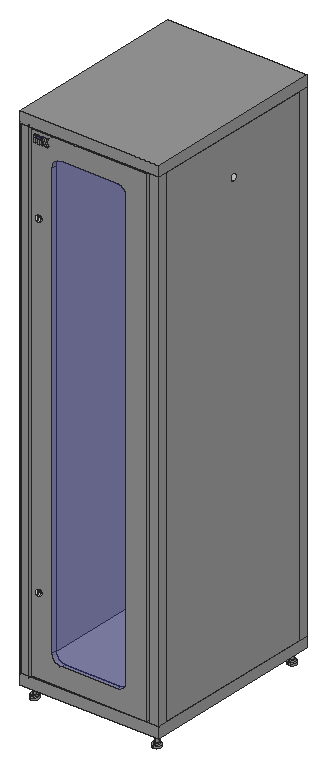
Revit family "ITK_Шкаф сетевой LINEA E_Напольный_18U-47U_IP20", category Электрооборудование, Revit 2019 (continued)
Types (20, lengths in mm): name | Материал | Глубина | Высота общая | Высота | IEK_Цена за единицу | IEK_URL | ADSK_Наименование | ADSK_Масса | ADSK_Код изделия | ADSK_URL страницы изделия
  В1600хШ600хГ600_Серый_2GM | Окраска - RAL 7035 | 600 | 1656 | 1600 | 27670.66 | "https://www.itk-group.ru/produktsiya/catalog/oborudovanie_telekommunikatsionnoe/shkafy_telekommunikatsionnye/shkafy_setevye_napolnye/shkafy_serii_linea_e/600x600mm/itk_shkaf_setevoy_napolnyy_linea_e_33u_600kh600mm_steklyannaya_perednyaya_dver_zadnyaya_metallicheskaya_seryy" | "ITK Шкаф сетевой 19\" LINEA E 33U В1600хШ600хГ600 мм, стеклянная передняя дверь, задняя металлическая, серый" | 93.59 | "LE35-33U66-GM" | "https://www.itk-group.ru/produktsiya/catalog/oborudovanie_telekommunikatsionnoe/shkafy_telekommunikatsionnye/shkafy_setevye_napolnye/shkafy_serii_linea_e/"
  В1600хШ600хГ600_Черный_2GM | Окраска - RAL 9005 | 600 | 1656 | 1600 | 27670.66 | "https://www.itk-group.ru/produktsiya/catalog/oborudovanie_telekommunikatsionnoe/shkafy_telekommunikatsionnye/shkafy_setevye_napolnye/shkafy_serii_linea_e/600x600mm/itk_shkaf_setevoy_napolnyy_linea_e_33u_600kh600mm_steklyannaya_perednyaya_dver_zadnyaya_metallicheskaya_chernyy" | "ITK Шкаф сетевой 19\" LINEA E 33U В1600хШ600хГ600 мм, стеклянная передняя дверь, задняя металлическая, черный" | 93.59 | "LE05-33U66-GM" | "https://www.itk-group.ru/produktsiya/catalog/oborudovanie_telekommunikatsionnoe/shkafy_telekommunikatsionnye/shkafy_setevye_napolnye/shkafy_serii_linea_e/"
  В2000хШ600хГ600_Серый_2GM | Окраска - RAL 7035 | 600 | 2056 | 2000 | 29122.82 | "https://www.itk-group.ru/produktsiya/catalog/oborudovanie_telekommunikatsionnoe/shkafy_telekommunikatsionnye/shkafy_setevye_napolnye/shkafy_serii_linea_e/600x600mm/itk_shkaf_setevoy_napolnyy_linea_e_42u_600kh600mm_steklyannaya_perednyaya_dver_zadnyaya_metallicheskaya_seryy" | "ITK Шкаф сетевой 19\" LINEA E 42U В2000хШ600хГ600 мм, стеклянная передняя дверь, задняя металлическая, серый" | 108.7 | "LE35-42U66-GM" | "https://www.itk-group.ru/produktsiya/catalog/oborudovanie_telekommunikatsionnoe/shkafy_telekommunikatsionnye/shkafy_setevye_napolnye/shkafy_serii_linea_e/"
  В2000хШ600хГ600_Черный_2GM | Окраска - RAL 9005 | 600 | 2056 | 2000 | 29122.82 | "https://www.itk-group.ru/produktsiya/catalog/oborudovanie_telekommunikatsionnoe/shkafy_telekommunikatsionnye/shkafy_setevye_napolnye/shkafy_serii_linea_e/600x600mm/itk_shkaf_setevoy_napolnyy_linea_e_42u_600kh600mm_steklyannaya_perednyaya_dver_zadnyaya_metallicheskaya_chernyy" | "ITK Шкаф сетевой 19\" LINEA E 42U В2000хШ600хГ600 мм, стеклянная передняя дверь, задняя металлическая, черный" | 108.7 | "LE05-42U66-GM" | "https://www.itk-group.ru/produktsiya/catalog/oborudovanie_telekommunikatsionnoe/shkafy_telekommunikatsionnye/shkafy_setevye_napolnye/shkafy_serii_linea_e/"
  В2220хШ600хГ600_Серый_2GM | Окраска - RAL 7035 | 600 | 2276 | 2220 | 31558.8 | "https://www.itk-group.ru/produktsiya/catalog/oborudovanie_telekommunikatsionnoe/shkafy_telekommunikatsionnye/shkafy_setevye_napolnye/shkafy_serii_linea_e/600x600mm/itk_shkaf_setevoy_napolnyy_linea_e_47u_600kh600mm_steklyannaya_perednyaya_dver_zadnyaya_metallicheskaya_seryy" | "ITK Шкаф сетевой 19\" LINEA E 47U В2220хШ600хГ600 мм, стеклянная передняя дверь, задняя металлическая, серый" | 121.13 | "LE35-47U66-GM" | "https://www.itk-group.ru/produktsiya/catalog/oborudovanie_telekommunikatsionnoe/shkafy_telekommunikatsionnye/shkafy_setevye_napolnye/shkafy_serii_linea_e/"
  В2220хШ600хГ600_Черный_2GM | Окраска - RAL 9005 | 600 | 2276 | 2220 | 31558.8 | "https://www.itk-group.ru/produktsiya/catalog/oborudovanie_telekommunikatsionnoe/shkafy_telekommunikatsionnye/shkafy_setevye_napolnye/shkafy_serii_linea_e/600x600mm/itk_shkaf_setevoy_napolnyy_linea_e_47u_600kh600mm_steklyannaya_perednyaya_dver_zadnyaya_metallicheskaya_chernyy" | "ITK Шкаф сетевой 19\" LINEA E 47U В2220хШ600хГ600 мм, стеклянная передняя дверь, задняя металлическая, черный" | 121.13 | "LE05-47U66-GM" | "https://www.itk-group.ru/produktsiya/catalog/oborudovanie_telekommunikatsionnoe/shkafy_telekommunikatsionnye/shkafy_setevye_napolnye/shkafy_serii_linea_e/"
  В932хШ600хГ800_Серый_2GM | Окраска - RAL 7035 | 800 | 988 | 932 | 22360.88 | "https://www.itk-group.ru/produktsiya/catalog/oborudovanie_telekommunikatsionnoe/shkafy_telekommunikatsionnye/shkafy_setevye_napolnye/shkafy_serii_linea_e/600x800mm/itk_shkaf_setevoy_napolnyy_linea_e_18u_600kh800mm_steklyannaya_perednyaya_dver_zadnyaya_metallicheskaya_seryy" | "ITK Шкаф сетевой 19\" LINEA E 18U В932хШ600хГ800 мм, стеклянная передняя дверь, задняя металлическая, серый" | 73.25 | "LE35-18U68-GM" | "https://www.itk-group.ru/produktsiya/catalog/oborudovanie_telekommunikatsionnoe/shkafy_telekommunikatsionnye/shkafy_setevye_napolnye/shkafy_serii_linea_e/600x800mm/?pagec=50"
  В932хШ600хГ800_Черный_2GM | Окраска - RAL 9005 | 800 | 988 | 932 | 22360.88 | "https://www.itk-group.ru/produktsiya/catalog/oborudovanie_telekommunikatsionnoe/shkafy_telekommunikatsionnye/shkafy_setevye_napolnye/shkafy_serii_linea_e/600x800mm/itk_shkaf_setevoy_napolnyy_linea_e_18u_600kh800mm_steklyannaya_perednyaya_dver_zadnyaya_metallicheskaya_chernyy" | "ITK Шкаф сетевой 19\" LINEA E 18U В932хШ600хГ800 мм, стеклянная передняя дверь, задняя металлическая, черный" | 73.25 | "LE05-18U68-GM" | "https://www.itk-group.ru/produktsiya/catalog/oborudovanie_telekommunikatsionnoe/shkafy_telekommunikatsionnye/shkafy_setevye_napolnye/shkafy_serii_linea_e/600x800mm/?pagec=50"
  В1200хШ600хГ800_Серый_2GM | Окраска - RAL 7035 | 800 | 1256 | 1200 | 25113.95 | "https://www.itk-group.ru/produktsiya/catalog/oborudovanie_telekommunikatsionnoe/shkafy_telekommunikatsionnye/shkafy_setevye_napolnye/shkafy_serii_linea_e/600x800mm/itk_shkaf_setevoy_napolnyy_linea_e_24u_600kh800mm_steklyannaya_perednyaya_dver_zadnyaya_metallicheskaya_seryy" | "ITK Шкаф сетевой 19\" LINEA E 24U В1200хШ600хГ800 мм, стеклянная передняя дверь, задняя металлическая, серый" | 82.07 | "LE35-24U68-GM" | "https://www.itk-group.ru/produktsiya/catalog/oborudovanie_telekommunikatsionnoe/shkafy_telekommunikatsionnye/shkafy_setevye_napolnye/shkafy_serii_linea_e/600x800mm/?pagec=50"
  В1200хШ600хГ800_Черный_2GM | Окраска - RAL 9005 | 800 | 1256 | 1200 | 25113.95 | "https://www.itk-group.ru/produktsiya/catalog/oborudovanie_telekommunikatsionnoe/shkafy_telekommunikatsionnye/shkafy_setevye_napolnye/shkafy_serii_linea_e/600x800mm/itk_shkaf_setevoy_napolnyy_linea_e_24u_600kh800mm_steklyannaya_perednyaya_dver_zadnyaya_metallicheskaya_chernyy" | "ITK Шкаф сетевой 19\" LINEA E 24U В1200хШ600хГ800 мм, стеклянная передняя дверь, задняя металлическая, черный" | 82.07 | "LE05-24U68-GM" | "https://www.itk-group.ru/produktsiya/catalog/oborudovanie_telekommunikatsionnoe/shkafy_telekommunikatsionnye/shkafy_setevye_napolnye/shkafy_serii_linea_e/600x800mm/?pagec=50"
  В1600хШ600хГ800_Серый_2GM | Окраска - RAL 7035 | 800 | 1656 | 1600 | 25549.58 | "https://www.itk-group.ru/produktsiya/catalog/oborudovanie_telekommunikatsionnoe/shkafy_telekommunikatsionnye/shkafy_setevye_napolnye/shkafy_serii_linea_e/600x800mm/itk_shkaf_setevoy_napolnyy_linea_e_33u_600kh800mm_steklyannaya_perednyaya_dver_zadnyaya_metallicheskaya_seryy" | "ITK Шкаф сетевой 19\" LINEA E 33U В1600хШ600хГ800 мм, стеклянная передняя дверь, задняя металлическая, серый" | 110.43 | "LE35-33U68-GM" | "https://www.itk-group.ru/produktsiya/catalog/oborudovanie_telekommunikatsionnoe/shkafy_telekommunikatsionnye/shkafy_setevye_napolnye/shkafy_serii_linea_e/600x800mm/?pagec=50"
  В1600хШ600хГ800_Черный_2GM | Окраска - RAL 9005 | 800 | 1656 | 1600 | 25549.58 | "https://www.itk-group.ru/produktsiya/catalog/oborudovanie_telekommunikatsionnoe/shkafy_telekommunikatsionnye/shkafy_setevye_napolnye/shkafy_serii_linea_e/600x800mm/itk_shkaf_setevoy_napolnyy_linea_e_33u_600kh800mm_steklyannaya_perednyaya_dver_zadnyaya_metallicheskaya_chernyy" | "ITK Шкаф сетевой 19\" LINEA E 33U В1600хШ600хГ800 мм, стеклянная передняя дверь, задняя металлическая, черный" | 110.43 | "LE05-33U68-GM" | "https://www.itk-group.ru/produktsiya/catalog/oborudovanie_telekommunikatsionnoe/shkafy_telekommunikatsionnye/shkafy_setevye_napolnye/shkafy_serii_linea_e/600x800mm/?pagec=50"
  В2000хШ600хГ800_Серый_2GM | Окраска - RAL 7035 | 800 | 2056 | 2000 | 30768.67 | "https://www.itk-group.ru/produktsiya/catalog/oborudovanie_telekommunikatsionnoe/shkafy_telekommunikatsionnye/shkafy_setevye_napolnye/shkafy_serii_linea_e/600x800mm/itk_shkaf_setevoy_napolnyy_linea_e_42u_600kh800mm_steklyannaya_perednyaya_dver_zadnyaya_metallicheskaya_seryy" | "ITK Шкаф сетевой 19\" LINEA E 42U В2000хШ600хГ800 мм, стеклянная передняя дверь, задняя металлическая, серый" | 119.72 | "LE35-42U68-GM" | "https://www.itk-group.ru/produktsiya/catalog/oborudovanie_telekommunikatsionnoe/shkafy_telekommunikatsionnye/shkafy_setevye_napolnye/shkafy_serii_linea_e/600x800mm/?pagec=50"
  В2000хШ600хГ800_Черный_2GM | Окраска - RAL 9005 | 800 | 2056 | 2000 | 30768.67 | "https://www.itk-group.ru/produktsiya/catalog/oborudovanie_telekommunikatsionnoe/shkafy_telekommunikatsionnye/shkafy_setevye_napolnye/shkafy_serii_linea_e/600x800mm/itk_shkaf_setevoy_napolnyy_linea_e_42u_600kh800mm_steklyannaya_perednyaya_dver_zadnyaya_metallicheskaya_chernyy" | "ITK Шкаф сетевой 19\" LINEA E 42U В2000хШ600хГ800 мм, стеклянная передняя дверь, задняя металлическая, черный" | 119.72 | "LE05-42U68-GM" | "https://www.itk-group.ru/produktsiya/catalog/oborudovanie_telekommunikatsionnoe/shkafy_telekommunikatsionnye/shkafy_setevye_napolnye/shkafy_serii_linea_e/600x800mm/?pagec=50"
  В2220хШ600хГ800_Серый_2GM | Окраска - RAL 7035 | 800 | 2276 | 2220 | 336888.37 | "https://www.itk-group.ru/produktsiya/catalog/oborudovanie_telekommunikatsionnoe/shkafy_telekommunikatsionnye/shkafy_setevye_napolnye/shkafy_serii_linea_e/600x800mm/itk_shkaf_setevoy_napolnyy_linea_e_47u_600kh800mm_steklyannaya_perednyaya_dver_zadnyaya_metallicheskaya_seryy" | "ITK Шкаф сетевой 19\" LINEA E 47U В2220хШ600хГ800 мм, стеклянная передняя дверь, задняя металлическая, серый" | 134.79 | "LE35-47U68-GM" | "https://www.itk-group.ru/produktsiya/catalog/oborudovanie_telekommunikatsionnoe/shkafy_telekommunikatsionnye/shkafy_setevye_napolnye/shkafy_serii_linea_e/600x800mm/?pagec=50"
  В2220хШ600хГ800_Черный_2GM | Окраска - RAL 9005 | 800 | 2276 | 2220 | 336888.37 | "https://www.itk-group.ru/produktsiya/catalog/oborudovanie_telekommunikatsionnoe/shkafy_telekommunikatsionnye/shkafy_setevye_napolnye/shkafy_serii_linea_e/600x800mm/itk_shkaf_setevoy_napolnyy_linea_e_47u_600kh800mm_steklyannaya_perednyaya_dver_zadnyaya_metallicheskaya_chernyy" | "ITK Шкаф сетевой 19\" LINEA E 47U В2220хШ600хГ800 мм, стеклянная передняя дверь, задняя металлическая, черный" | 134.79 | "LE05-47U68-GM" | "https://www.itk-group.ru/produktsiya/catalog/oborudovanie_telekommunikatsionnoe/shkafy_telekommunikatsionnye/shkafy_setevye_napolnye/shkafy_serii_linea_e/600x800mm/?pagec=50"
